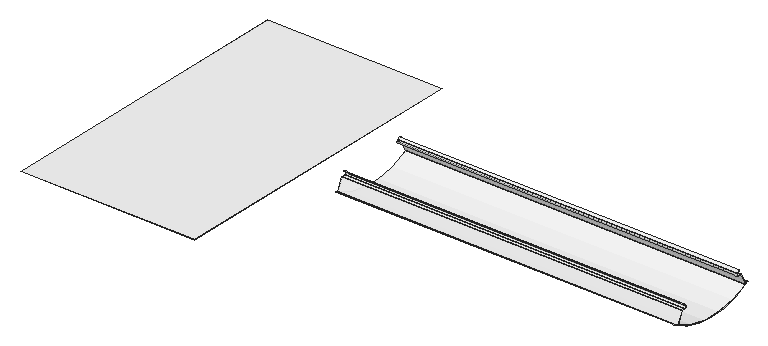
Revit family "MD3G-4103", category Lighting Fixtures, host Ceiling, Revit 2019
Family settings
  Host = Ceiling
  Round Connector Dimension = Use Diameter
  Part Type = Normal
  OmniClass Number = 23.80.70.11.14.17
  OmniClass Title = Direct/Indirect
  Always vertical = Yes
  Cut with Voids When Loaded = No
  Light Source = Yes
  Shared = No
  Room Calculation Point = No
Parameters (values of type "VR3IF-4103-LED835K20L_34L-835K100L-P47 (READING ON ONLY)")
  Width = 1' - 11 3/4"
  Wattage = 23.42 W
  built-in parameter 1150110 = 1 (stored number, unit not read)
  Voltage = 120 V
  URL = "https://www.viscor.com/en/products/vr3if-4103"
  built-in parameter 1114217 = 0.9 (stored number, unit not read)
  Tilt Angle = 90.00°
  built-in parameter 1150109 = 1 (stored number, unit not read)
  built-in parameter 1150134 = 12
  built-in parameter 1150113 = 1 (stored number, unit not read)
  Photometric Web File = "MD3G-4103-LED835K20L_34L-835K100L-F47 (READING ON ONLY).IES"
  Model = "MD3G-4103"  # constant formula
  Manufacturer = "CERTOLUX by VISCOR"  # constant formula
  Lumens = 1943.86 lm
  built-in parameter 1150115 = 1 (stored number, unit not read)
  built-in parameter 1150105 = 154.69 (stored number, unit not read)
  built-in parameter 1150137 = (empty or 0)
  built-in parameter 1150139 = (empty or 0)
  Lens ambient = Acrylic - Viscor - Frosted Round
  Exam Lens = Polycarbonate - Viscor - Frosted Flat
  Length = 3' - 11 3/4"
  Lamp Wattage = 23.42 VA
  built-in parameter 1150112 = 1 (stored number, unit not read)
  built-in parameter 1150114 = 1 (stored number, unit not read)
  Lamp = "LED"  # constant formula
  built-in parameter 1150132 = (empty or 0)
  built-in parameter 1150102 = (empty or 0)
  built-in parameter 1150138 = (empty or 0)
  built-in parameter 1150107 = 4000 (stored number, unit not read)
  built-in parameter 1150106 = 1.5469 (stored number, unit not read)
  Housing Finish = Metal - Viscor - White
  Emit from Rectangle Width = Width  # 1' - 11 3/4"
  Emit from Rectangle Length = Length  # 3' - 11 3/4"
  Emit Shape Visible in Rendering = no
  built-in parameter 1150104 = 7.711 (stored number, unit not read)
  Dimming Lamp Color Temperature Shift = <None>
  Description = "LED Recessed Grid Medical Patient Reading/Ambient/Exam"  # constant formula
  Color Filter = 16777215
  built-in parameter 1114218 = 1 (stored number, unit not read)
  built-in parameter 1150133 = 10 (stored number, unit not read)
  Assembly Code = "D5020200"
  Apparent Load = Lamp Wattage  # 23.42 VA
Types (5): name | Wattage | URL | Photometric Web File | Lumens | built-in parameter 1150105 | Lamp Wattage | built-in parameter 1150106 | built-in parameter 1150104 | Apparent Load
  (no name) | 23.42 W | "https://www.viscor.com/en/products/vr3if-4103" | "MD3G-4103-LED835K20L_34L-835K100L-F47 (READING ON ONLY).IES" | 1943.86 lm | 154.69 (stored number, unit not read) | 23.42 VA | 1.5469 (stored number, unit not read) | 7.711 (stored number, unit not read) | 23.42 VA
  VR3IF-4103-LED835K20L_34L-835K100L-P47 (ALL ON) | 159.18 W | "https://www.viscor.com/en/products/md3g-4103" | "MD3G-4103-LED835K20L_34L-835K100L-F47 (ALL ON).IES" | 18305.7 lm | 1456.7 (stored number, unit not read) | 159.18 VA | 14.567 (stored number, unit not read) | 10.684 (stored number, unit not read) | 159.18 VA
  VR3IF-4103-LED835K20L_34L-835K100L-P47 (AMBIENT ON ONLY) | 35.11 W | "https://www.viscor.com/en/products/vr3if-4103" | "MD3G-4103-LED835K20L_34L-835K100L-F47 (AMBIENT ON ONLY).IES" | 4248.31 lm | 338.07 (stored number, unit not read) | 35.11 VA | 3.3807 (stored number, unit not read) | 11.241 (stored number, unit not read) | 35.11 VA
  VR3IF-4103-LED835K20L_34L-835K100L-P47 (EXAM ON ONLY) | 100.85 W | "https://www.viscor.com/en/products/vr3if-4103" | "MD3G-4103-LED835K20L_34L-835K100L-F47 (EXAM ON ONLY).IES" | 12102 lm | 963.05 (stored number, unit not read) | 100.85 VA | 9.6305 (stored number, unit not read) | 11.148 (stored number, unit not read) | 100.85 VA
  VR3IF-4103-LED835K20L_34L-835K100L-P47 (READING ON ONLY) | 23.42 W | "https://www.viscor.com/en/products/vr3if-4103" | "MD3G-4103-LED835K20L_34L-835K100L-F47 (READING ON ONLY).IES" | 1943.86 lm | 154.69 (stored number, unit not read) | 23.42 VA | 1.5469 (stored number, unit not read) | 7.711 (stored number, unit not read) | 23.42 VA
Reference planes (in)
  plane 1 "Light Source Axis (F/B)": y = 0
  plane 2 "Ceiling": z = 96
  plane 3 "Light Source Axis (L/R)": x = 0
  plane 4 "Light Source Elevation": z = 96
  plane 5: y = 11.875
  plane 6: y = -11.875
  plane 7 "Left": x = -23.875
  plane 8 "Right": x = 23.875
  plane 9 "USofFrame": z = 96.045
  plane 10 "Lens": z = 96.17
Forms (in)
  Extrusion 1, void
    sketch origin (43.99109, -53.88196, 0) x (1, 0, 0) y (0, 1, 0)
      loop
        line (-67.86609, 65.75696) -> (-67.86609, 42.00696) -> (-20.11609, 42.00696) -> (-20.11609, 65.75696) -> (-67.86609, 65.75696)
    from 95.78898 to 100.66621
  Extrusion 2, solid, material "Polycarbonate - Viscor - Frosted Flat" <- "Exam Lens"
    sketch origin (0, 0, -1.5625) x (1, 0, 0) y (0, 0, 1)
      loop
        line (-20.34639, 98.416) -> (-8.5, 98.416) -> (-8.5, 98.456) -> (-20.34639, 98.456) -> (-20.34639, 98.416)
    from -10.5 to 10.5
  Extrusion 3, solid, material "Acrylic - Viscor - Frosted Round" <- "Lens ambient"
    sketch origin (0, 0, -1.0625) x (0, 1, 0) y (0, 0, 1)
      loop
        line (-2.51884, 99.54441) -> (-2.89265, 98.8051)
        arc (-2.89265, 98.8051) -> (-2.95921, 98.84192) -> (-3.0253, 98.87958) r 6.04905
        arc (-3.0253, 98.87958) -> (-3.07083, 98.87206) -> (-3.05463, 98.82885) r 0.02986
        arc (-3.05463, 98.82885) -> (0.00233, 98.00877) -> (3.0593, 98.82885) r 6.10765
        arc (3.0593, 98.82885) -> (3.07, 98.86888) -> (3.02997, 98.87958) r 0.0293
        arc (3.02997, 98.87958) -> (2.96206, 98.8409) -> (2.89366, 98.80311) r 6.04905
        line (2.89366, 98.80311) -> (2.51884, 99.54441) -> (2.27495, 99.56204)
        arc (2.27495, 99.56204) -> (2.2146, 99.6069) -> (2.22972, 99.68057) r 0.07
        line (2.22972, 99.68057) -> (2.36887, 99.82422)
        arc (2.36887, 99.82422) -> (2.36921, 99.86599) -> (2.32744, 99.86566) r 0.0293
        line (2.32744, 99.86566) -> (2.18764, 99.72133)
        arc (2.18764, 99.72133) -> (2.15986, 99.58601) -> (2.27073, 99.5036) r 0.12859
        line (2.27073, 99.5036) -> (2.48152, 99.48836) -> (2.84204, 98.77534)
        arc (2.84204, 98.77534) -> (0.00025, 98.06737) -> (-2.84105, 98.7773) r 6.04905
        line (-2.84105, 98.7773) -> (-2.48152, 99.48836) -> (-2.27073, 99.5036)
        arc (-2.27073, 99.5036) -> (-2.15986, 99.58601) -> (-2.18764, 99.72133) r 0.12859
        line (-2.18764, 99.72133) -> (-2.32679, 99.86499)
        arc (-2.32679, 99.86499) -> (-2.36856, 99.86532) -> (-2.36823, 99.82355) r 0.0293
        line (-2.36823, 99.82355) -> (-2.22972, 99.68057)
        arc (-2.22972, 99.68057) -> (-2.2146, 99.6069) -> (-2.27495, 99.56204) r 0.07
        line (-2.27495, 99.56204) -> (-2.51884, 99.54441)
    from -4.88752 to 18.19773
Dimensions and locks (in)
  equal spacing: host sketch curve, plane 3 "Light Source Axis (L/R)", host sketch curve
  equal spacing: host sketch curve, plane 1 "Light Source Axis (F/B)", host sketch curve
  host sketch curve to host sketch curve = 10' - 0"  (x2)
  equal spacing: plane 7 "Left", plane 3 "Light Source Axis (L/R)", plane 8 "Right"
  "Length": plane 7 "Left" to plane 8 "Right"
  equal spacing: plane 5, plane 1 "Light Source Axis (F/B)", plane 6
  "Width": plane 5 to plane 6
  locked: plane 9 "USofFrame" to plane 2 "Ceiling" at 0.045
  plane 10 "Lens" to plane 9 "USofFrame" = 0' - 0 1/8"
  aligned and locked: plane 3 "Light Source Axis (L/R)" to imposter light
  aligned and locked: plane 1 "Light Source Axis (F/B)" to imposter light
  aligned and locked: plane 4 "Light Source Elevation" to imposter light
  aligned and locked: Extrusion 1 to plane 7 "Left"
  aligned and locked: plane 8 "Right" to Extrusion 1
  aligned and locked: Extrusion 1 to plane 6
  aligned and locked: plane 5 to Extrusion 1
Automatic sketch dimensions
  Extrusion 1 sketch curve to plane 5 = 1' - 11 3/4"
  Extrusion 1 sketch curve to plane 7 "Left" = 0' - 0"
  plane 7 "Left" to Extrusion 1 sketch curve = 3' - 11 3/4"
  Extrusion 1 sketch curve to Extrusion 1 sketch curve = 1' - 11 3/4"
  plane 10 "Lens" to Extrusion 2 sketch curve = 0' - 0.7235"
  Extrusion 2 sketch curve to plane 3 "Light Source Axis (L/R)" = 1' - 8.34639"
  Extrusion 2 sketch curve to plane 8 "Right" = 2' - 8 3/8"
  Extrusion 2 sketch curve to Extrusion 2 sketch curve = 0' - 0.04"
  Extrusion 3 sketch curve to Extrusion 3 sketch curve = 0' - 0"  (x12)
  Extrusion 3 sketch curve to Extrusion 3 sketch curve = 0' - 0.15232"
  Extrusion 3 sketch curve to Extrusion 3 sketch curve = 0' - 0.0516"
  Extrusion 3 sketch curve to Extrusion 3 sketch curve = 0' - 0.37381"
  Extrusion 3 sketch curve to Extrusion 3 sketch curve = 0' - 0.03732"  (x2)
  Extrusion 3 sketch curve to Extrusion 3 sketch curve = 0' - 0.15061"
  Extrusion 3 sketch curve to Extrusion 3 sketch curve = 0' - 0.02039"  (x2)
  Extrusion 3 sketch curve to Extrusion 3 sketch curve = 0' - 0.02105"  (x4)
  Extrusion 3 sketch curve to Extrusion 3 sketch curve = 0' - 0.08823"
  Extrusion 3 sketch curve to Extrusion 3 sketch curve = 0' - 0.00505"  (x2)
  Extrusion 3 sketch curve to Extrusion 3 sketch curve = 0' - 0.00422"  (x2)
  Extrusion 3 sketch curve to Extrusion 3 sketch curve = 0' - 0.05028"
  Extrusion 3 sketch curve to Extrusion 3 sketch curve = 0' - 0.04209"  (x2)
  Extrusion 3 sketch curve to plane 1 "Light Source Axis (F/B)" = 0' - 0.00233"
  Extrusion 3 sketch curve to Extrusion 3 sketch curve = 0' - 0.04101"
  Extrusion 3 sketch curve to Extrusion 3 sketch curve = 0' - 0.1398"
  Extrusion 3 sketch curve to Extrusion 3 sketch curve = 0' - 0.21079"
  Extrusion 3 sketch curve to Extrusion 3 sketch curve = 0' - 0.36052"
  Extrusion 3 sketch curve to Extrusion 3 sketch curve = 0' - 0.05162"
  Extrusion 3 sketch curve to Extrusion 3 sketch curve = 0' - 0.15098"
  plane 10 "Lens" to Extrusion 3 sketch curve = 0' - 1.54284"
  Extrusion 3 sketch curve to Extrusion 3 sketch curve = 0' - 0.00196"
  Extrusion 3 sketch curve to Extrusion 3 sketch curve = 0' - 0.02777"
  Extrusion 3 sketch curve to Extrusion 3 sketch curve = 0' - 0.0278"
  Extrusion 3 sketch curve to Extrusion 3 sketch curve = 0' - 0.05111"
  Extrusion 3 sketch curve to Extrusion 3 sketch curve = 0' - 0.05201"
  Extrusion 3 sketch curve to Extrusion 3 sketch curve = 0' - 0.71302"
  Extrusion 3 sketch curve to Extrusion 3 sketch curve = 0' - 0.71107"
  Extrusion 3 sketch curve to Extrusion 3 sketch curve = 0' - 0.01524"  (x2)
  Extrusion 3 sketch curve to Extrusion 3 sketch curve = 0' - 0.05605"  (x2)
  Extrusion 3 sketch curve to Extrusion 3 sketch curve = 0' - 0.05844"  (x2)
  Extrusion 3 sketch curve to Extrusion 3 sketch curve = 0' - 0.06982"  (x2)
  Extrusion 3 sketch curve to Extrusion 3 sketch curve = 0' - 0.14298"
  Extrusion 3 sketch curve to Extrusion 3 sketch curve = 0' - 0.14365"
  Extrusion 3 sketch curve to Extrusion 3 sketch curve = 0' - 0.00966"
  Extrusion 3 sketch curve to Extrusion 3 sketch curve = 0' - 0.01967"
  Extrusion 3 sketch curve to Extrusion 3 sketch curve = 0' - 0.01466"
Connectors (in)
  electrical at (0, 0, 96), driven by "Voltage", driven by "Apparent Load"
    settings: index 1, voltage 120 V, apparent load 0 VA, apparent load phase1 23.42 VA, apparent load phase2 0 VA, apparent load phase3 0 VA, power factor 1, load classification "Other", number of poles 1, system type 31, power factor state 1, is connector primary yes, connector utility no, sub classification motor no, connector description ""
